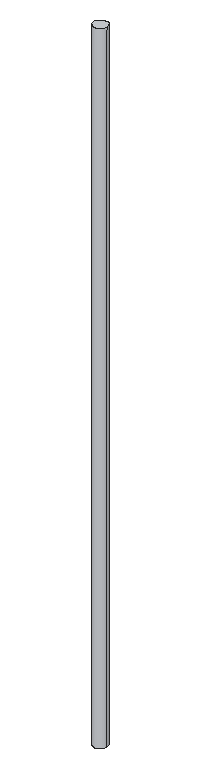
Revit family "SHR_PipeSupport", category 일반 모델, Revit 2026
Family settings
  보강 철근 호스트 가능 = 아니오
  원형 커넥터 치수 = 지름 사용
  부품 유형 = 보통
  작업 기준면 기반 = 아니오
  항상 수직 = 예
  로드될 때 보이드를 사용하여 절단 = 아니오
  주석 방향 유지 = 아니오
  공유 = 아니오
  룸 계산 점 = 아니오
Parameters (values of type "기본")
  높이 [instance] = 2790 mm
  기본 높이 = 0 mm
Reference planes
  plane 1 "중심(앞/뒤)": y = 0
  plane 2: z = 0
  plane 3 "중심(왼쪽/오른쪽)": x = 0
Forms (mm)
  Extrusion 1, solid
    sketch origin (0, 0, 0) x (1, 0, 0) y (0, 1, 0)
      loop
        circle (0, 0) r 30
    from 0 to 2790 <- "높이"
Dimensions and locks
  aligned and locked: level to plane 2
